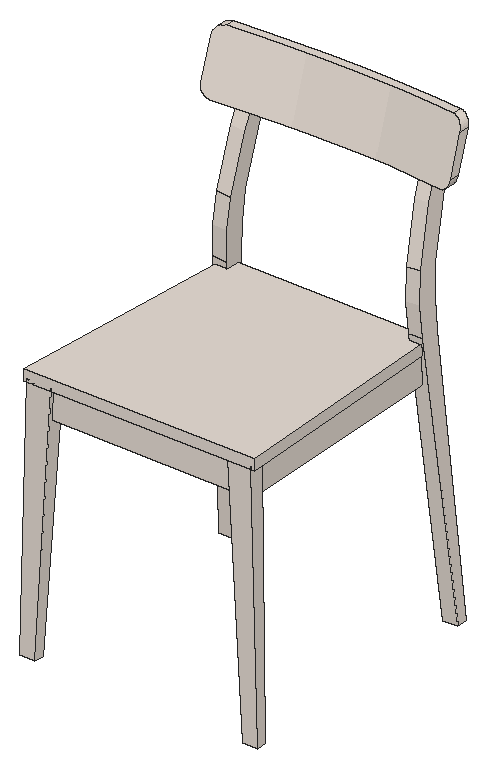
Revit family "FU_Chair_Sandler_Inga 1-2", category Furniture, Revit 2020
Family settings
  OmniClass Number = 23.40.20.00
  OmniClass Title = General Furniture and Specialties
  Work Plane-Based = No
  Always vertical = Yes
  Cut with Voids When Loaded = No
  Shared = No
  Room Calculation Point = No
Parameters (values of type "Inga 1.2")
  Width = 465 mm
  URL = "https://www.sandlerseating.com/product/inga-1-2/"
  Seat = Wood -  Aniline - White
  Model = "Inga 1.2"
  Manufacturer = "Sandler"
  Height = 850 mm
  Frame = Wood -  Aniline - White
  Description = "Stackable side chair with wooden seat and back on a solid beech frame."
  Depth = 505 mm
  Default Elevation = 0 mm
Reference planes
  plane 1 "Center (Front/Back)": y = 0
  plane 2: z = 0
  plane 3 "Center (Left/Right)": x = 0
  plane 4 "Right": x = -232.5
  plane 5 "Left": x = 232.5
  plane 6 "Back": y = 252.5
  plane 7 "Front": y = -252.5
  plane 8 "Height": z = 850
  plane 9 "Seat height": z = 480
  plane 10 "BR L Angle Front": through (-170.406, -1524, 798.107) normal (0.9986, 0, -0.0525)
  plane 11 "Frame Height": z = 464.829
  plane 12: x = -297.5
  plane 13: x = 297.5
  plane 14 "Arm Height": z = 634.249
  plane 15 "arm front": y = -152.936
Forms (mm)
  Extrusion 1, solid, material "Wood -  Aniline - White" <- "Frame"
    sketch origin (-211.773, 0, 11.254) x (0.052501, 0, 0.998621) y (0, -1, 0)
      loop
        line (-11.17, -211.485) -> (-11.17, -231.113) -> (480.792, -196.712)
        arc (480.792, -196.712) -> (535.769, -194.943) -> (590.586, -199.497) r 478.313
        arc (590.586, -199.497) -> (681.592, -217.224) -> (770.268, -244.297) r 892.578
        arc (770.268, -244.297) -> (782.45, -242.471) -> (787.563, -231.264) r 12.917
        arc (787.563, -231.264) -> (691.299, -191.886) -> (590.509, -166.224) r 748.904
        arc (590.509, -166.224) -> (535.595, -160.79) -> (480.526, -164.305) r 340.245
        line (480.526, -164.305) -> (-11.17, -211.485)
    from -9.615 to 16.927
  Extrusion 2, solid, material "Wood -  Aniline - White" <- "Frame"
    sketch origin (211.773, 0, 11.254) x (-0.052501, 0, 0.998621) y (0, 1, 0)
      loop
        line (-11.17, 211.485) -> (480.526, 164.305)
        arc (480.526, 164.305) -> (535.595, 160.79) -> (590.509, 166.224) r 340.245
        arc (590.509, 166.224) -> (691.299, 191.886) -> (787.563, 231.264) r 748.904
        arc (787.563, 231.264) -> (782.45, 242.471) -> (770.268, 244.297) r 12.917
        arc (770.268, 244.297) -> (681.592, 217.224) -> (590.586, 199.497) r 892.578
        arc (590.586, 199.497) -> (535.769, 194.943) -> (480.792, 196.712) r 478.313
        line (480.792, 196.712) -> (-11.17, 231.113) -> (-11.17, 211.485)
    from -9.615 to 16.927
  Blend 3, solid, material "Wood -  Aniline - White" <- "Frame"
    base sketch origin (0, 0, 0) x (1, 0, 0) y (0, 1, 0)
      loop
        line (-222.143, -252.5) -> (-194.143, -252.5) -> (-192.581, -235) -> (-220.581, -235) -> (-222.143, -252.5)
    top sketch origin (0, 0, 0) x (1, 0, 0) y (0, 1, 0)
      loop
        line (-208.793, -252.5) -> (-165.202, -252.5) -> (-163.672, -225.762) -> (-207.263, -225.762) -> (-208.793, -252.5)
    from 0 to 464.829
  Blend 4, solid, material "Wood -  Aniline - White" <- "Frame"
    base sketch origin (0, 0, 0) x (-1, 0, 0) y (0, -1, 0)
      loop
        line (-222.143, 252.5) -> (-220.581, 235) -> (-192.581, 235) -> (-194.143, 252.5) -> (-222.143, 252.5)
    top sketch origin (0, 0, 0) x (-1, 0, 0) y (0, -1, 0)
      loop
        line (-208.793, 252.5) -> (-207.263, 225.762) -> (-163.672, 225.762) -> (-165.202, 252.5) -> (-208.793, 252.5)
    from 0 to 464.829
  Extrusion 5, solid, material "Wood -  Aniline - White" <- "Frame"
    sketch origin (0, 0, 464.829) x (-1, 0, 0) y (0, -1, 0)
      loop
        line (205.371, 246.484) -> (-205.371, 246.484) -> (-187.14, -189.895) -> (187.14, -189.895) -> (205.371, 246.484)
      loop
        line (-187.207, 232.22) -> (-170.168, -175.631) -> (170.168, -175.631) -> (187.207, 232.22) -> (-187.207, 232.22)
    from -56.316 to 0
  Sweep 6, solid, material "Wood -  Aniline - White" <- "Frame"
    path origin (0, 0, 0) x (0, 1, 0) y (0, 0, 1)
      loop
        line (215.898, 721.402) -> (256.979, 850)
    profile "Pro_Inga_Back : Pro_Inga_Back" origin (0, 236.438, 785.701) x (0, -0.952575, 0.304305) y (1, 0, 0)
      loop
        arc (30.116, 241.175) -> (0, -0.038) -> (30.717, -241.175) r 971.366
        line (30.717, -241.175) -> (45.91, -241.175)
        arc (45.91, -241.175) -> (14.46, 0.005) -> (45.984, 241.175) r 939.367
        line (45.984, 241.175) -> (30.116, 241.175)
  Extrusion 7, void
    sketch origin (0, 0, 0) x (1, 0, 0) y (0, 0, 1)
      loop
        arc (210.726, 850.67) -> (-0.03, 841.01) -> (-210.837, 849.498) r 2452.694
        arc (-210.837, 849.498) -> (-226.041, 844.286) -> (-232.5, 829.568) r 20
        line (-232.5, 829.568) -> (-232.5, 759.709)
        arc (-232.5, 759.709) -> (-227.228, 746.178) -> (-214.191, 739.78) r 20
        arc (-214.191, 739.78) -> (0.083, 731.011) -> (214.303, 740.992) r 2452.694
        arc (214.303, 740.992) -> (227.266, 747.421) -> (232.5, 760.91) r 20
        line (232.5, 760.91) -> (232.5, 830.749)
        arc (232.5, 830.749) -> (226, 845.505) -> (210.726, 850.67) r 20
      loop
        line (-261.767, 883.137) -> (-261.767, 708.137) -> (258.233, 708.137) -> (258.233, 883.137) -> (-261.767, 883.137)
    from -262.214 to -161.753
  Extrusion 8, solid, material "Wood -  Aniline - White" <- "Seat"
    sketch origin (0, 0, 480) x (-1, 0, 0) y (0, -1, 0)
      loop
        line (215, 252.5) -> (-215, 252.5) -> (-190, -189.895) -> (190, -189.895) -> (215, 252.5)
    from -20 to 0
Cuts and joins
  Extrusion 7 cuts Sweep 6
Dimensions and locks
  equal spacing: plane 4 "Right", plane 3 "Center (Left/Right)", plane 5 "Left"
  "Width": plane 4 "Right" to plane 5 "Left"
  equal spacing: plane 6 "Back", plane 1 "Center (Front/Back)", plane 7 "Front"
  "Depth": plane 6 "Back" to plane 7 "Front"
  "Height": plane 8 "Height" to level
  plane 9 "Seat height" to level = 480 mm
  equal spacing: plane 12, plane 3 "Center (Left/Right)", plane 13
  plane 12 to plane 13 = 595 mm
  plane 14 "Arm Height" to level = 634.249 mm
  aligned and locked: level to plane 2
  aligned and locked: plane 11 "Frame Height" to Extrusion 5
Automatic sketch dimensions
  Extrusion 1 sketch curve to plane 6 "Back" = 41.015 mm
  Extrusion 1 sketch curve to Extrusion 1 sketch curve = 467.74 mm
  Extrusion 1 sketch curve to Extrusion 1 sketch curve = 9.088 mm
  Extrusion 1 sketch curve to plane 6 "Back" = 88.195 mm
  Extrusion 1 sketch curve to Extrusion 1 sketch curve = 491.695 mm
  Extrusion 1 sketch curve to plane 6 "Back" = 55.788 mm
  Extrusion 1 sketch curve to Extrusion 1 sketch curve = 0.267 mm
  Extrusion 1 sketch curve to Extrusion 1 sketch curve = 67.07 mm
  Extrusion 1 sketch curve to Extrusion 1 sketch curve = 6.017 mm
  Extrusion 1 sketch curve to plane 6 "Back" = 20.345 mm
  Extrusion 1 sketch curve to Extrusion 1 sketch curve = 293.884 mm
  plane 6 "Back" to Extrusion 1 sketch curve = 248.484 mm
  Extrusion 1 sketch curve to Extrusion 1 sketch curve = 172.118 mm
  Extrusion 1 sketch curve to Extrusion 1 sketch curve = 229.952 mm
  Extrusion 1 sketch curve to Extrusion 1 sketch curve = 180.235 mm
  Extrusion 1 sketch curve to Extrusion 1 sketch curve = 19.628 mm
  Extrusion 1 sketch curve to Extrusion 1 sketch curve = 0 mm  (x3)
  Extrusion 2 sketch curve to plane 6 "Back" = 41.015 mm
  Extrusion 2 sketch curve to Extrusion 2 sketch curve = 467.74 mm
  Extrusion 2 sketch curve to Extrusion 2 sketch curve = 9.088 mm
  Extrusion 2 sketch curve to plane 6 "Back" = 88.195 mm
  Extrusion 2 sketch curve to Extrusion 2 sketch curve = 491.695 mm
  Extrusion 2 sketch curve to plane 6 "Back" = 55.788 mm
  Extrusion 2 sketch curve to Extrusion 2 sketch curve = 0.267 mm
  Extrusion 2 sketch curve to Extrusion 2 sketch curve = 67.07 mm
  Extrusion 2 sketch curve to Extrusion 2 sketch curve = 6.017 mm
  Extrusion 2 sketch curve to plane 6 "Back" = 20.345 mm
  Extrusion 2 sketch curve to Extrusion 2 sketch curve = 293.884 mm
  Extrusion 2 sketch curve to Extrusion 2 sketch curve = 19.628 mm
  plane 6 "Back" to Extrusion 2 sketch curve = 248.484 mm
  Extrusion 2 sketch curve to Extrusion 2 sketch curve = 172.118 mm
  Extrusion 2 sketch curve to Extrusion 2 sketch curve = 229.952 mm
  Extrusion 2 sketch curve to Extrusion 2 sketch curve = 180.235 mm
  Extrusion 2 sketch curve to Extrusion 2 sketch curve = 0 mm  (x3)
  Blend 3 sketch curve to plane 7 "Front" = 0 mm  (x2)
  Blend 3 sketch curve to plane 4 "Right" = 10.357 mm
  Blend 3 sketch curve to plane 4 "Right" = 11.919 mm
  Blend 3 sketch curve to Blend 3 sketch curve = 28 mm
  plane 7 "Front" to Blend 3 sketch curve = 17.5 mm
  Blend 3 sketch curve to Blend 3 sketch curve = 1.563 mm
  Blend 3 sketch curve to plane 4 "Right" = 23.707 mm
  Blend 3 sketch curve to plane 4 "Right" = 25.237 mm
  Blend 3 sketch curve to Blend 3 sketch curve = 43.591 mm
  plane 7 "Front" to Blend 3 sketch curve = 26.738 mm
  Blend 3 sketch curve to Blend 3 sketch curve = 1.53 mm
  Blend 4 sketch curve to plane 7 "Front" = 0 mm  (x2)
  Blend 4 sketch curve to plane 5 "Left" = 10.357 mm
  Blend 4 sketch curve to plane 5 "Left" = 11.919 mm
  Blend 4 sketch curve to Blend 4 sketch curve = 28 mm
  Blend 4 sketch curve to plane 7 "Front" = 17.5 mm
  Blend 4 sketch curve to Blend 4 sketch curve = 1.563 mm
  Blend 4 sketch curve to plane 5 "Left" = 23.707 mm
  Blend 4 sketch curve to plane 5 "Left" = 25.237 mm
  Blend 4 sketch curve to Blend 4 sketch curve = 43.591 mm
  Blend 4 sketch curve to plane 7 "Front" = 26.738 mm
  Blend 4 sketch curve to Blend 4 sketch curve = 1.53 mm
  plane 7 "Front" to Extrusion 5 sketch curve = 6.016 mm
  plane 5 "Left" to Extrusion 5 sketch curve = 27.129 mm
  plane 7 "Front" to Extrusion 5 sketch curve = 20.28 mm
  Extrusion 5 sketch curve to Extrusion 5 sketch curve = 18.164 mm  (x2)
  plane 5 "Left" to Extrusion 5 sketch curve = 45.36 mm
  Extrusion 5 sketch curve to Extrusion 5 sketch curve = 16.972 mm  (x2)
  Extrusion 5 sketch curve to plane 4 "Right" = 62.332 mm
  Extrusion 5 sketch curve to plane 4 "Right" = 45.293 mm
  Extrusion 5 sketch curve to plane 6 "Back" = 76.869 mm
  Extrusion 5 sketch curve to Extrusion 5 sketch curve = 14.264 mm
  Sweep 6 sketch curve to plane 8 "Height" = 0 mm
  Sweep 6 sketch curve to plane 6 "Back" = 36.602 mm
  plane 6 "Back" to Sweep 6 sketch curve = 4.479 mm
  plane 14 "Arm Height" to Sweep 6 sketch curve = 87.154 mm
  plane 4 "Right" to Extrusion 7 sketch curve = 0 mm
  plane 5 "Left" to Extrusion 7 sketch curve = 0 mm
  plane 4 "Right" to Extrusion 7 sketch curve = 29.267 mm
  Extrusion 7 sketch curve to plane 4 "Right" = 20 mm  (x2)
  Extrusion 7 sketch curve to plane 3 "Center (Left/Right)" = 6.849 mm  (x2)
  Extrusion 7 sketch curve to Extrusion 7 sketch curve = 20 mm  (x2)
  Extrusion 7 sketch curve to plane 5 "Left" = 25.733 mm
  plane 14 "Arm Height" to Extrusion 7 sketch curve = 73.888 mm
  Extrusion 7 sketch curve to Extrusion 7 sketch curve = 51.572 mm
  Extrusion 7 sketch curve to Extrusion 7 sketch curve = 52.773 mm
  Extrusion 7 sketch curve to plane 8 "Height" = 20.432 mm
  Extrusion 7 sketch curve to plane 8 "Height" = 19.251 mm
  plane 8 "Height" to Extrusion 7 sketch curve = 33.137 mm
  Extrusion 7 sketch curve to Extrusion 7 sketch curve = 2300.558 mm
  Extrusion 7 sketch curve to Extrusion 7 sketch curve = 110 mm
  Extrusion 7 sketch curve to Extrusion 7 sketch curve = 0 mm  (x2)
  Extrusion 8 sketch curve to plane 7 "Front" = 0 mm
  plane 5 "Left" to Extrusion 8 sketch curve = 17.5 mm
  plane 5 "Left" to Extrusion 8 sketch curve = 42.5 mm
  Extrusion 8 sketch curve to plane 4 "Right" = 42.5 mm
  Extrusion 8 sketch curve to plane 4 "Right" = 17.5 mm
  Extrusion 8 sketch curve to plane 6 "Back" = 62.605 mm
